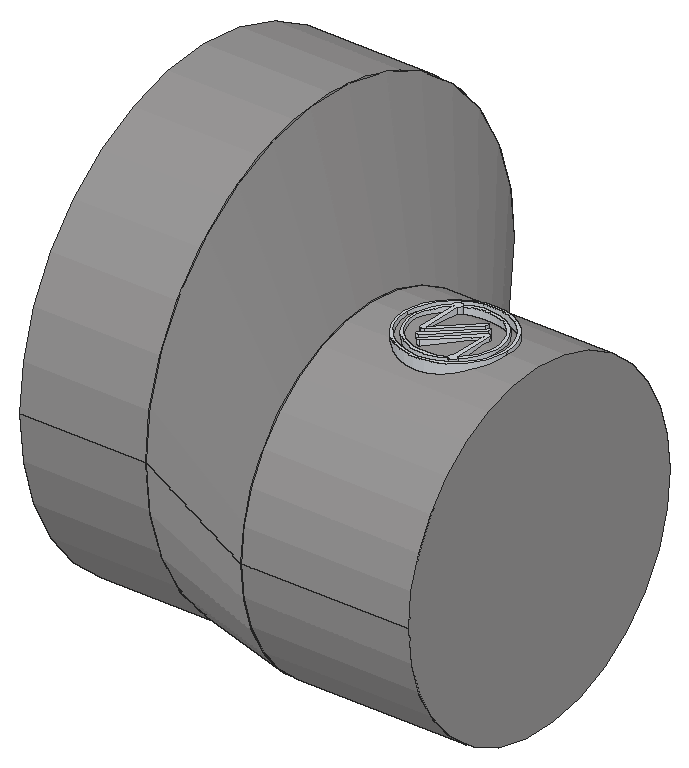
Revit family "PAM-GLOBAL® S Переходной фитинг", category Соединительные детали трубопроводов, Revit 2015
Parameters
  Таблица коэффициентов K = "Converging/Diverging Tee/Wye"
  Размер засечки1 [instance] = Наружный диаметр фитинга 1 * 0.4  # 44 mm
  Размер засечки 2 [instance] = Наружный диаметр фитинга 2 * 0.4  # 31.2 mm
  Поиск в таблице имен = "Переходные фитинги-SML"
  Номинальный радиус 1 [instance] = 50 mm
  Номинальный радиус 2 [instance] = 35 mm
  Номинальный диаметр 2 [instance] = Номинальный радиус 2 * 2  # 70 mm
  Номинальный диаметр 1 [instance] = Номинальный радиус 1 * 2  # 100 mm
  Наружный радиус фитинга 1 [instance] = Наружный диаметр фитинга 1 / 2  # 55 mm
  Наружный радиус фитинга 2 [instance] = Наружный диаметр фитинга 2 / 2  # 39 mm
  Наружный диаметр фитинга 2 [instance] = size_lookup(Поиск в таблице имен, "FOD", Номинальный диаметр 2 + 3.2 mm, Номинальный диаметр 2)  # 78 mm
  Наружный диаметр фитинга 1 [instance] = size_lookup(Поиск в таблице имен, "FOD", Номинальный диаметр 1 + 3.2 mm, Номинальный диаметр 1)  # 110 mm
  Метод определения потерь = Табличный коэффициент K
  Материал = Чугун серый (по методу De Lavaud) с графитом розеточной формы
  Код по классификатору = "01 21 10 00"
  Изготовитель = "PAM-GLOBAL (Инрусстрейд)"
  Артикул [instance] = size_lookup(Поиск в таблице имен, "", "Неопределено", Номинальный диаметр 1)  # "155764"
  t2 [instance] = size_lookup(Поиск в таблице имен, "t2", Номинальный диаметр 2 + 3.2 mm, Номинальный диаметр 1)  # 30 mm
  t1 [instance] = size_lookup(Поиск в таблице имен, "t1", Номинальный диаметр 2 + 3.2 mm, Номинальный диаметр 1)  # 40 mm
  URL = "https://inrusstrade.ru/ru/products/perehodnye-fitingi-pam-global-s"
  L [instance] = size_lookup(Поиск в таблице имен, "L", Номинальный диаметр 2 + 3.2 mm, Номинальный диаметр 1)  # 80 mm
  A [instance] = size_lookup(Поиск в таблице имен, "A", Номинальный диаметр 2 + 3.2 mm, Номинальный диаметр 1)  # 25 mm
Reference planes
  plane 1 "По центру (Вперед/Назад)": y = 0
  plane 2: z = 0
  plane 3 "По центру (Влево/Вправо)": x = 0
  plane 4: x = -40
  plane 5: x = 40
  plane 6: x = 0
  plane 7: x = -10
  plane 8: z = -25
Forms (mm)
  Sweep 1, solid, material "Чугун серый (по методу De Lavaud) с графитом розеточной формы" <- "Материал", detail levels medium+fine
    path in 3D
      loop
        line (-40, 0, 0) -> (-10, 0, 0)
    profile origin (-25, 0, 0) x (0, 1, 0) y (0, 0, 1)
      loop
        circle (0, 0) r 55
  Sweep 2, solid, material "Чугун серый (по методу De Lavaud) с графитом розеточной формы" <- "Материал", detail levels medium+fine
    path in 3D
      loop
        line (0, 0, 0) -> (40, 0, 0)
    profile origin (20, 0, 0) x (0, 1, 0) y (0, 0, 1)
      loop
        circle (0, -25) r 39
  SweptBlend 3, solid, material "Чугун серый (по методу De Lavaud) с графитом розеточной формы" <- "Материал", detail levels medium+fine
    path in 3D
      loop
        line (-10, 0, 0) -> (0, 0, 0)
    profile origin (-10, 0, 0) x (0, 1, 0) y (0, 0, 1)
      loop
        circle (0, 0) r 55
    end profile origin (0, 0, 0) x (0, 1, 0) y (0, 0, 1)
      loop
        circle (0, -25) r 39
Lines and regions (mm)
  model lines, detail levels coarse
    curve 1: line (-40, 0, 0) -> (-10, 0, 0)
    curve 2: line (-40, 44, 0) -> (-40, 0, 0)
    curve 3: line (-40, 0, 0) -> (-40, -44, 0)
    curve 4: line (40, 0, 0) -> (40, -31.2, 0)
    curve 5: line (40, 0, 0) -> (40, 31.2, 0)
    curve 6: line (-10, 0, 0) -> (0, 0, 0)
    curve 7: line (0, 0, 0) -> (40, 0, 0)
  sketch lines
    curve 8: line (-40, 0, 0) -> (-10, 0, 0)
    curve 9: line (0, 0, 0) -> (40, 0, 0)
    curve 10: line (-10, 0, 0) -> (0, 0, 0)
Dimensions and locks
  equal spacing: plane 4, plane 3 "По центру (Влево/Вправо)", plane 5
  "L": plane 4 to plane 5
  "t2": plane 4 to plane 7
  "t1": plane 6 to plane 5
  "Размер засечки1": curve 3 to plane 1 "По центру (Вперед/Назад)"
  "Размер засечки1": plane 1 "По центру (Вперед/Назад)" to curve 2
  "Размер засечки 2": plane 1 "По центру (Вперед/Назад)" to curve 5
  "Размер засечки 2": curve 4 to plane 1 "По центру (Вперед/Назад)"
  "A": level to plane 8
  "A": level to SweptBlend 3 sketch curve
  locked: nested 1 to curve 5 at 20.071
  "Наружный диаметр фитинга 1": diameter of Sweep 1 sketch curve
  "Наружный диаметр фитинга 2": diameter of Sweep 2 sketch curve
  "Наружный диаметр фитинга 1": diameter of SweptBlend 3 sketch curve
  "Наружный диаметр фитинга 2": diameter of SweptBlend 3 sketch curve
  aligned and locked: level to plane 2
  aligned and locked: plane 1 "По центру (Вперед/Назад)" to curve 1
  aligned and locked: curve 2 to plane 4
  aligned and locked: curve 3 to plane 4
  aligned and locked: curve 4 to plane 5
  aligned and locked: plane 7 to curve 6
  aligned and locked: plane 6 to curve 7
  aligned and locked: plane 1 "По центру (Вперед/Назад)" to curve 7
  aligned and locked: plane 1 "По центру (Вперед/Назад)" to curve 6
Automatic sketch dimensions
  curve 6 to plane 3 "По центру (Влево/Вправо)" = 0 mm
  Sweep 1 sketch curve to profile plane = 0 mm  (x2)
  Sweep 2 sketch curve to profile plane = 0 mm
  Sweep 2 sketch curve to plane 8 = 0 mm
  SweptBlend 3 sketch curve to profile plane = 0 mm  (x3)
Nested families
  nested 1: "Лого" at (19.929, 0.082, 14) x (1, 0, 0) z (0, 0.0021, 1), type "Инрусстрейд"
Connectors
  piping at (40, 0, -25), diameter 70, driven by "Номинальный радиус 2"
    settings: on Sweep 2, index 1, connector inside diameter 609.6 mm, connector length 0 mm, flow factor 0, pipe flow 0.0 L/s, pressure drop 0.0 Pa, fitting loss kfactor 0, connector angle 0.00°, fixture units 0, engagement length 0 mm, angle of deflection 0.00°, flow configuration 0, flow direction 0, fitting loss method 0, system type 28, joint type 0, gender type 0, connector reference index -1, connector utility 0, adjustable connector no, is connector primary yes, connector description ""
  piping at (-40, 0, 0), diameter 100, driven by "Номинальный радиус 1"
    settings: on Sweep 1, index 2, connector inside diameter 609.6 mm, connector length 0 mm, flow factor 0, pipe flow 0.0 L/s, pressure drop 0.0 Pa, fitting loss kfactor 0, connector angle 0.00°, fixture units 0, engagement length 0 mm, angle of deflection 0.00°, flow configuration 0, flow direction 0, fitting loss method 0, system type 28, joint type 0, gender type 0, connector reference index -1, connector utility 0, adjustable connector no, is connector primary no, connector description ""
Definition of nested family "Лого"
  Parameters (values of type "Инрусстрейд")
    Default Elevation = 1219.2 mm
  Reference planes
    plane 1 "По центру (Вперед/Назад)": y = 0
    plane 2: z = 0
    plane 3 "По центру (Влево/Вправо)": x = 0
  Forms (mm)
    Extrusion 1, solid
      sketch origin (0, 0, 0) x (1, 0, 0) y (0, 1, 0)
        loop
          line (-1219.2, 1219.2) -> (-1219.2, -1219.2) -> (1219.2, -1219.2) -> (1219.2, 1219.2) -> (-1219.2, 1219.2)
      from 0 to -304.8
    Extrusion 2, solid
      sketch origin (0, 0, 0) x (1, 0, 0) y (0, 1, 0)
        loop
          line (6.379, 2.303) -> (6.379, -7.307)
          arc (6.379, -7.307) -> (7.877, 5.661) -> (-4.891, 8.377) r 9.7
          arc (-4.891, 8.377) -> (-4.919, 7.72) -> (-5.348, 7.222) r 1
          line (-5.348, 7.222) -> (-5.348, -1.837) -> (2.452, 5.964)
          arc (2.452, 5.964) -> (3.159, 5.964) -> (3.159, 5.257) r 0.5
          line (3.159, 5.257) -> (-4.983, -2.885)
          arc (-4.983, -2.885) -> (-5.855, -3.059) -> (-6.348, -2.32) r 0.8
          line (-6.348, -2.32) -> (-6.348, 7.334)
          arc (-6.348, 7.334) -> (-7.878, -5.659) -> (4.923, -8.358) r 9.7
          arc (4.923, -8.358) -> (4.949, -7.699) -> (5.379, -7.199) r 1
          line (5.379, -7.199) -> (5.379, 1.82) -> (-3.111, -6.67)
          arc (-3.111, -6.67) -> (-3.818, -6.67) -> (-3.818, -5.963) r 0.5
          line (-3.818, -5.963) -> (5.014, 2.869)
          arc (5.014, 2.869) -> (5.886, 3.042) -> (6.379, 2.303) r 0.8
        loop
          arc (6.818, -7.72) -> (8.335, 6.051) -> (-5.23, 8.874) r 10.3
          arc (-5.23, 8.874) -> (-6.434, 8.898) -> (-6.788, 7.746) r 1
          arc (-6.788, 7.746) -> (-8.335, -6.051) -> (5.264, -8.853) r 10.3
          arc (5.264, -8.853) -> (6.469, -8.873) -> (6.818, -7.72) r 1
        loop
          line (-4.541, -5.241) -> (4.735, 4.035)
          arc (4.735, 4.035) -> (4.735, 4.742) -> (4.028, 4.742) r 0.5
          line (4.028, 4.742) -> (-5.248, -4.533)
          arc (-5.248, -4.533) -> (-5.248, -5.241) -> (-4.541, -5.241) r 0.5
        loop
          circle (0, 0) r 12.3
        loop
          circle (0, 0) r 11.7
      from -30 to 0.5
  Dimensions and locks
    aligned and locked: plane 2 to Extrusion 1
    aligned and locked: level to Extrusion 1
